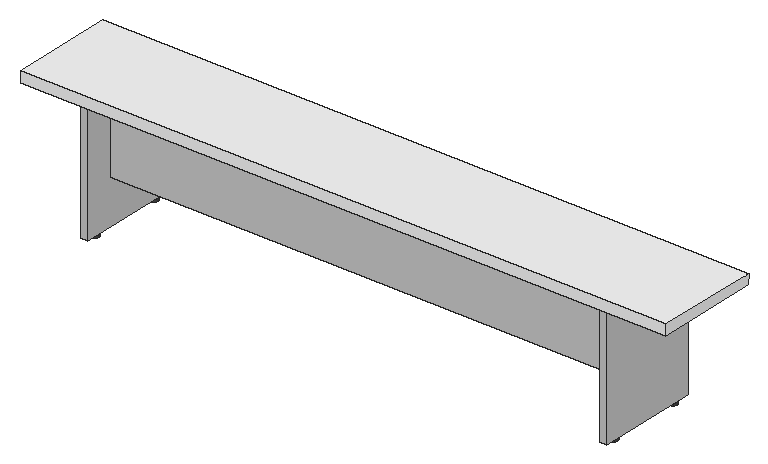
Revit family "Deck Bench Inset Seats 450 High", category Furniture, Revit 2016
Family settings
  OmniClass Number = 23.40.20.00
  OmniClass Title = General Furniture and Specialties
  Work Plane-Based = No
  Always vertical = Yes
  Cut with Voids When Loaded = No
  Shared = No
  Room Calculation Point = No
Parameters (values of type "2200 x 350")
  Width = 2200 mm
  URL = "www.gof.co.uk"
  Type Comments = ""
  Side Panels = Gresham - Grey MFC
  Range = "DECK"
  Product Code = "DCBEM22"
  Table Top = Gresham - White MFC
  Modesty Panel = Gresham - Grey MFC
  Model = ""
  Manufacturer = "Gresham Office Furniture"  # constant formula
  Foot = Gresham - Black Plastic
  Assembly Code = "E2020200"
Types (7, lengths in mm): name | Width | Product Code
  (no name) | 2200 | "DCBEM22"
  1400 x 350 | 1400 | "DCBEM14"
  1600 x 350 | 1600 | "DCBEM16"
  1800 x 350 | 1800 | "DCBEM18"
  1200 x 350 | 1200 | "DCBEM12"
  2000 x 350 | 2000 | "DCBEM20"
  2200 x 350 | 2200 | "DCBEM22"
Reference planes
  plane 1 "Center (Front/Back)": y = 0
  plane 2: z = 0
  plane 3 "Center (Left/Right)": x = 0
  plane 4: x = -1100
  plane 5: x = 1100
  plane 6 "Table Underside": z = 414
  plane 7: y = 175
  plane 8: y = -175
  plane 9 "Foot": z = 10
  plane 10 "Modesty Panel": z = 164
  plane 11: y = 62.5
  plane 12: y = -62.5
Forms (mm)
  Extrusion 1, solid, material "Gresham - Black Plastic"
    sketch origin (274.491, 484.546, 0) x (0.707107, -0.707107, 0) y (0.707107, 0.707107, 0)
      loop
        circle (685.579, 177.104) r 12
      loop
        circle (862.356, 0.328) r 12
    from 0 to 5
  Extrusion 2, solid, material "Gresham - White MFC" <- "Table Top"
    sketch origin (0, 0, 414) x (-1, 0, 0) y (0, -1, 0)
      loop
        line (-1100, -175) -> (1100, -175) -> (1100, 175) -> (-1100, 175) -> (-1100, -175)
    from 0 to 36
  Extrusion 3, solid, material "Gresham - Grey MFC" <- "Side Panels"
    sketch origin (797, -1.506, 0) x (0, -1, 0) y (0, 0, 1)
      loop
        line (-174.506, 414) -> (-174.506, 10) -> (171.494, 10) -> (171.494, 414) -> (-174.506, 414)
    from -100 to -75
  Extrusion 4, solid, material "Gresham - Silver Metal"
    sketch origin (-200, 0, 10) x (-1, 0, 0) y (0, -1, 0)
      loop
        circle (-1084.5, 125) r 5
      loop
        circle (-1084.5, -125) r 5
    from -5 to 0
  Extrusion 5, solid, material "Gresham - Grey MFC" <- "Side Panels"
    sketch origin (-797, -1.506, 0) x (0, -1, 0) y (0, 0, -1)
      loop
        line (-174.506, -414) -> (171.494, -414) -> (171.494, -10) -> (-174.506, -10) -> (-174.506, -414)
    from -100 to -75
  Extrusion 6, solid, material "Gresham - Silver Metal"
    sketch origin (200, 0, 10) x (1, 0, 0) y (0, 1, 0)
      loop
        circle (-1084.5, -125) r 5
      loop
        circle (-1084.5, 125) r 5
    from -5 to 0
  Extrusion 7, solid, material "Gresham - Grey MFC" <- "Modesty Panel"
    sketch origin (0, 0, 164) x (0, -1, 0) y (1, 0, 0)
      loop
        line (62.5, 872) -> (62.5, -872) -> (80.5, -872) -> (80.5, 872) -> (62.5, 872)
      loop
        line (-62.5, -872) -> (-62.5, 872) -> (-80.5, 872) -> (-80.5, -872) -> (-62.5, -872)
    from 0 to 250
  Extrusion 8, solid, material "Gresham - Black Plastic"
    sketch origin (-274.491, 484.546, 0) x (-0.707107, -0.707107, 0) y (0.707107, -0.707107, 0)
      loop
        circle (685.579, -177.104) r 12
      loop
        circle (862.356, -0.328) r 12
    from 0 to 5
Dimensions and locks
  plane 6 "Table Underside" to plane 2 = 414 mm
  equal spacing: plane 4, plane 3 "Center (Left/Right)", plane 5
  "Width": plane 4 to plane 5
  plane 7 to plane 1 "Center (Front/Back)" to plane 8 = 175 mm, 175 mm
  plane 7 to plane 8 = 350 mm
  Extrusion 2 to level = 450 mm
  locked: plane 10 "Modesty Panel" to plane 6 "Table Underside" at 250
  locked: Extrusion 3 to Extrusion 3 at 25
  locked: plane 7 to Extrusion 3 at 2
  locked: Extrusion 3 to plane 8 at 2
  locked: plane 9 "Foot" to plane 2 at 10
  locked: plane 7 to Extrusion 1 sketch curve at 50
  locked: Extrusion 4 sketch curve to plane 8 at 50
  locked: plane 7 to Extrusion 4 sketch curve at 50
  locked: Extrusion 5 to Extrusion 5 at 25
  equal spacing: plane 12, plane 1 "Center (Front/Back)", plane 11
  plane 11 to plane 12 = 125 mm
  locked: Extrusion 1 sketch curve to plane 8 at 50
  Extrusion 1 sketch curve to plane 5 = 215.5 mm
  plane 4 to Extrusion 8 sketch curve = 215.5 mm
  locked: Extrusion 8 sketch curve to plane 8 at 50
  locked: Extrusion 2 to plane 6 "Table Underside" at 36
  locked: Extrusion 3 to plane 5 at 203
  locked: plane 4 to Extrusion 5 at 203
  radius of Extrusion 1 sketch curve = 12 mm  (x2)
  radius of Extrusion 4 sketch curve = 5 mm
  radius of Extrusion 6 sketch curve = 5 mm
  radius of Extrusion 8 sketch curve = 12 mm  (x2)
  aligned and locked: level to plane 2
  aligned and locked: Extrusion 2 to plane 8
  aligned and locked: plane 7 to Extrusion 2
  aligned and locked: Extrusion 2 sketch curve to plane 4
  aligned and locked: Extrusion 2 sketch curve to plane 8
  aligned and locked: Extrusion 2 sketch curve to plane 5
  aligned and locked: plane 7 to Extrusion 2 sketch curve
  aligned and locked: Extrusion 3 to plane 9 "Foot"
  aligned and locked: plane 9 "Foot" to Extrusion 4
  aligned and locked: Extrusion 7 to Extrusion 3  (x2)
  aligned and locked: Extrusion 7 to Extrusion 5  (x2)
  aligned and locked: plane 6 "Table Underside" to Extrusion 7
Automatic sketch dimensions
  Extrusion 1 sketch curve to Extrusion 1 sketch curve = 176.777 mm
  Extrusion 3 sketch curve to plane 9 "Foot" = 0 mm
  Extrusion 3 sketch curve to plane 6 "Table Underside" = 0 mm
  Extrusion 3 sketch curve to plane 7 = 2 mm
  plane 8 to Extrusion 3 sketch curve = 2 mm
  plane 5 to Extrusion 4 sketch curve = 215.5 mm  (x2)
  Extrusion 5 sketch curve to plane 9 "Foot" = 0 mm
  Extrusion 5 sketch curve to plane 6 "Table Underside" = 0 mm
  Extrusion 5 sketch curve to plane 7 = 2 mm
  plane 8 to Extrusion 5 sketch curve = 2 mm
  Extrusion 6 sketch curve to plane 4 = 215.5 mm  (x2)
  plane 7 to Extrusion 6 sketch curve = 50 mm
  Extrusion 6 sketch curve to plane 8 = 50 mm
  Extrusion 7 sketch curve to plane 11 = 0 mm
  plane 12 to Extrusion 7 sketch curve = 0 mm
  Extrusion 7 sketch curve to Extrusion 7 sketch curve = 18 mm  (x2)
  plane 4 to Extrusion 7 sketch curve = 228 mm  (x2)
  plane 5 to Extrusion 7 sketch curve = 228 mm  (x2)
  Extrusion 8 sketch curve to plane 4 = 215.5 mm
  plane 7 to Extrusion 8 sketch curve = 50 mm
  radius of Extrusion 4 sketch curve = 5 mm
  radius of Extrusion 6 sketch curve = 5 mm
